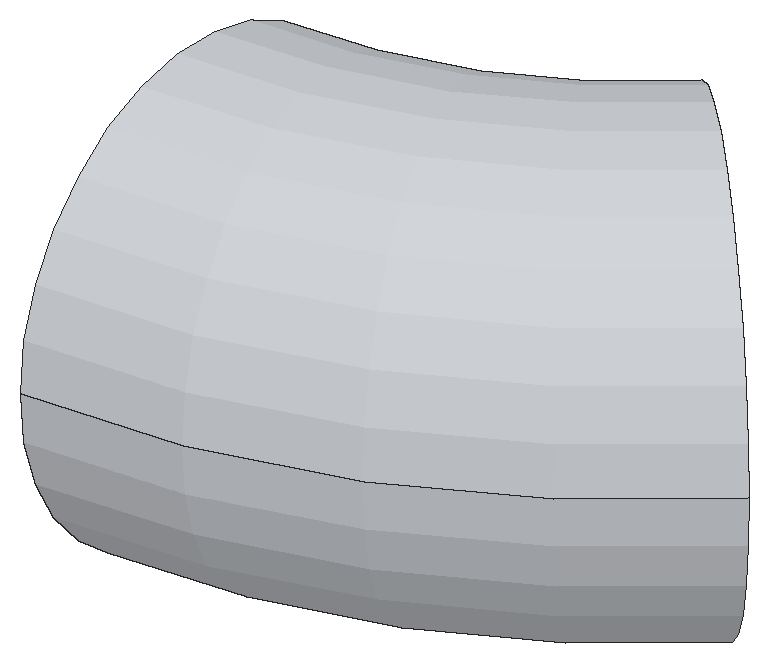
Revit family "Bogen Stahl - Bauart 3 - DIN2605", category Rohrformteile, Revit 2016
Family settings
  Teiletyp = Bogen
  Bemaßung runder Anschluss = Radius verwenden
  OmniClass-Nummer = 23.60.30.11.14
  OmniClass-Titel = Pipework Fittings
  Arbeitsebenenbasiert = Nein
  Immer vertikal = Ja
  Beim Laden mit Abzugskörper schneiden = Nein
  Gemeinsam genutzt = Nein
Parameters (values of type "Allgemein")
  DN [instance] = size_lookup(Name der Abruftabelle, "ORad", Nenndurchmesser, Nenndurchmesser)  # 60.3 mm
  Außenradius [instance] = DN / 2  # 30.15 mm
  Nennradius [instance] = 25 mm
  Nenndurchmesser [instance] = Nennradius * 2  # 50 mm
  Verlustberechnungsmethode = K-Koeffizient aus Tabelle
  Name der Abruftabelle = "Elbow Steel DIN 2605"
  Länge 2 [instance] = Bogenradius - Bogenradius * cos(Winkel)  # 22.26 mm
  Länge 1 [instance] = Bogenradius * sin(Winkel)  # 53.74 mm
  K-Koeffizient-Tabelle = "Regular 45, 90 and 180 Elbow"
  Abstand Mittelpunkt Ende [instance] = Radius 1 * tan(Winkel / 2)  # 31.48 mm
  Radius 1 [instance] = if(Bogenradius < Außenradius + 1 mm, Außenradius + 1 mm, Bogenradius)  # 76 mm
  Bogenradius [instance] = size_lookup(Name der Abruftabelle, "CRad3", Nenndurchmesser, Nenndurchmesser)  # 76 mm
  Winkel [instance] = 45.00°
Reference planes
  plane 1 "Mitte (Vorne/Hinten)": y = 0
  plane 2: z = 0
  plane 3 "Mitte (Links/Rechts)": x = 0
  plane 4: x = -31.48
  plane 5: y = 76
  plane 6: y = 25
  plane 7: y = -25
  plane 8: z = 25
  plane 9: z = -25
  plane 10: x = 22.26
  plane 11: y = 22.26
Forms (mm)
  Sweep 1, solid, detail levels fine
    path in 3D
      loop
        arc (-31.48, 0, 0) -> (-2.396, 5.785, 0) -> (22.26, 22.26, 0) r 76
    profile origin (-2.396, 5.785, 0) x (-0.382683, 0.92388, 0) y (0, 0, 1)
      loop
        circle (0, 0) r 30.15
Lines and regions (mm)
  reference lines
    curve 1: arc (-31.48, 0, 0) -> (-2.396, 5.785, 0) -> (22.26, 22.26, 0) r 76
    curve 6: line (-31.48, 76, 0) -> (2.805, 41.715, 0)
    curve 7: line (-31.48, 76, 0) -> (1.69, 109.17, 0)
    curve 8: line (49.234, 49.234, 0) -> (-5.469, -5.469, 0)
    curve 9: line (26.107, 61.463, 0) -> (8.43, 43.785, 0)
    curve 10: line (61.463, 26.107, 0) -> (43.785, 8.43, 0)
    curve 14: line (-31.48, 76, 0) -> (-31.48, 0, 0)
  sketch lines
    curve 2: arc (-31.48, 0, 0) -> (-2.396, 5.785, 0) -> (22.26, 22.26, 0) r 76
  model lines, style "Symbol", detail levels coarse+medium
    curve 3: line (-31.48, 0, 25) -> (-31.48, 0, -25)
    curve 5: line (-31.48, 25, 0) -> (-31.48, -25, 0)
    curve 12: line (4.582, 39.938, 0) -> (39.938, 4.582, 0)
    curve 15: arc (-31.48, 0, 0) -> (-2.396, 5.785, 0) -> (22.26, 22.26, 0) r 76
    curve 16: line (22.26, 22.26, 25) -> (22.26, 22.26, -25)
  model lines, detail levels coarse+medium
    curve 4: line (-31.48, 25, 0) -> (-31.48, -25, 0)
    curve 11: line (4.582, 39.938, 0) -> (39.938, 4.582, 0)
    curve 13: arc (-31.48, 0, 0) -> (-2.396, 5.785, 0) -> (22.26, 22.26, 0) r 76
Dimensions and locks
  "Abstand Mittelpunkt Ende": plane 4 to plane 3 "Mitte (Links/Rechts)"
  "Radius 1": plane 5 to plane 1 "Mitte (Vorne/Hinten)"
  locked: plane 5 to curve 1 at 0
  locked: plane 4 to curve 1 at 0
  "Nennradius": plane 6 to plane 1 "Mitte (Vorne/Hinten)"
  equal spacing: plane 6, plane 1 "Mitte (Vorne/Hinten)", plane 7
  "Radius 1": curve 7 to curve 8
  "Nennradius": curve 9 to curve 8
  "Nennradius": curve 8 to curve 10
  "Nennradius": plane 8 to plane 2
  "Nennradius": plane 9 to plane 2
  "Länge 1": plane 4 to plane 10
  "Länge 2": plane 11 to plane 1 "Mitte (Vorne/Hinten)"
  "Radius 1": radius of curve 1
  "Außenradius": radius of Sweep 1 sketch curve
  "Radius 1": radius of curve 13
  "Radius 1": radius of curve 15
  "Winkel": angle curve 1 to curve 1
  "Winkel": angle plane 4 to curve 6
  locked: curve 6 to curve 7 (angle 90.00°)
  locked: curve 6 to curve 8 (angle 90.00°)
  locked: curve 6 to curve 9 (angle 90.00°)
  locked: curve 6 to curve 10 (angle 90.00°)
  "Winkel": angle curve 13 to curve 13
  "Winkel": angle curve 15 to curve 15
  aligned and locked: plane 4 to curve 1
  aligned and locked: plane 1 "Mitte (Vorne/Hinten)" to curve 3
  aligned and locked: curve 4 to plane 6
  aligned and locked: curve 4 to plane 7
  aligned and locked: curve 4 to plane 4
  aligned and locked: curve 5 to plane 7
  aligned and locked: curve 5 to plane 6
  aligned and locked: curve 5 to plane 4
  aligned and locked: plane 4 to curve 6
  aligned and locked: plane 5 to curve 6
  aligned and locked: plane 4 to curve 7
  aligned and locked: plane 5 to curve 7
  aligned and locked: curve 9 to curve 11
  aligned and locked: curve 10 to curve 11
  aligned and locked: curve 6 to curve 11
  aligned and locked: curve 9 to curve 12
  aligned and locked: curve 10 to curve 12
  aligned and locked: curve 6 to curve 12
  aligned and locked: plane 4 to curve 13  (x2)
  aligned and locked: plane 1 "Mitte (Vorne/Hinten)" to curve 13
  aligned and locked: plane 5 to curve 14
  aligned and locked: curve 14 to plane 4
  aligned and locked: plane 5 to curve 15
  aligned and locked: plane 4 to curve 15  (x2)
  aligned and locked: plane 8 to curve 16
  aligned and locked: curve 16 to plane 9
  aligned and locked: curve 16 to plane 11
Automatic sketch dimensions
  curve 3 to curve 3 = 50 mm
  Sweep 1 sketch curve to profile plane = 0 mm
  profile plane to Sweep 1 sketch curve = 0 mm
  curve 8 to curve 6 = 39.215 mm
  curve 6 to curve 9 = 5.441 mm
  curve 10 to curve 6 = 5.441 mm
Connectors
  piping at (-31.48, 0, 0), diameter 50, driven by "Nennradius", driven by "Winkel"
    settings: on Sweep 1, index 1, connector inside diameter 50 mm, connector length 0 mm, flow factor 0, pipe flow 0.0 L/s, pressure drop 0.0 Pa, fitting loss kfactor 0, connector angle 45.00°, fixture units 0, engagement length 0 mm, angle of deflection 0.00°, flow configuration 0, flow direction 0, fitting loss method 0, system type 28, joint type 0, gender type 0, connector reference index 2, connector utility 0, adjustable connector no, is connector primary yes, connector description ""
  piping at (22.26, 22.26, 0), diameter 50, driven by "Nennradius", driven by "Winkel"
    settings: on Sweep 1, index 2, connector inside diameter 50 mm, connector length 0 mm, flow factor 0, pipe flow 0.0 L/s, pressure drop 0.0 Pa, fitting loss kfactor 0, connector angle 45.00°, fixture units 0, engagement length 0 mm, angle of deflection 0.00°, flow configuration 0, flow direction 0, fitting loss method 0, system type 28, joint type 0, gender type 0, connector reference index 1, connector utility 0, adjustable connector no, is connector primary no, connector description ""
